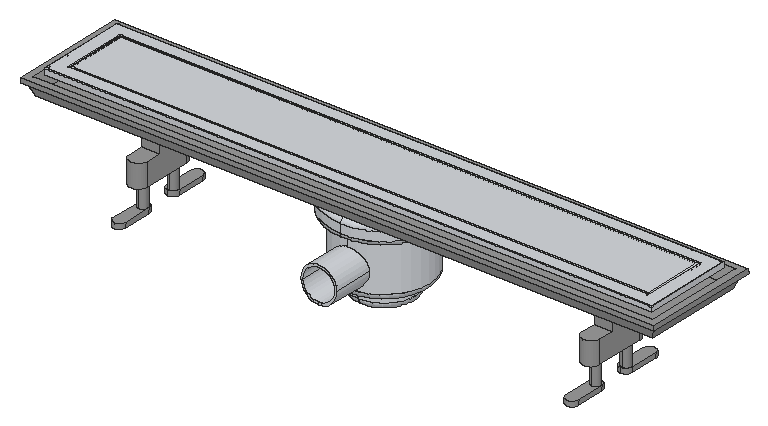
Revit family "S-771", category Plumbing Fixtures, Revit 2015
Parameters (values of type "70x650mm_Classic")
  WFU = 1
  URL = "http://www.jimten.com/en/producto/496/canaleta-linnum-salida-orientable-ancho-70-rejilla-classic"
  Total Minimum Height = "121-131 mm"  # constant formula
  Type Grid = 10
  Size = "650mm x 70mm"
  Reference = "13716"
  Outlet = "40M/50M"  # constant formula
  Model = "S-771"  # constant formula
  Material = ABS
  Hidraulic seal = "50 mm"  # constant formula
  H_Diameter = 40 mm
  Manufacturer = "Jimten"  # constant formula
  Grid = INOX AISI304
  Flowrate = 0.8 L/s  # constant formula
  Emin = 6 mm  # constant formula
  Emax = 16 mm  # constant formula
  E_Calc [instance] = if(E_HeightGrid < Emax, if(E_HeightGrid > Emin, E_HeightGrid, Emin), Emax)  # 8 mm
  E_HeightGrid [instance] = 8 mm
  DistLegs = 500 mm
  Description = "SHOWER CHANNEL FOR TILED SHOWERS, ORIENTABLE TRAP, ORIENTABLE HORIZONTAL OUTLET, WITH GRID CLASSIC, WITH HEIGHT REGULATION FEET"  # constant formula
  Type Comments = "WITH PRESSING RING FOR WATERPROOFING PVC OR GEOTEXTILE MEMBRANES. WITH PROTECTION COVER.  WITH GRID HEIGHT ADJUSTABLE."  # constant formula
  B_Grid = 670 mm
  A_Outlet = 700 mm
Types (6, lengths in mm): name | Type Grid | Size | Reference | DistLegs | B_Grid | A_Outlet
  70x650mm_Classic | 10 | "650mm x 70mm" | "13716" | 500 | 670 | 700
  70x750mm_Classic | 11 | "750mm x 70mm" | "13717" | 600 | 770 | 800
  70x850mm_Classic | 13 | "850mm x 70mm" | "13718" | 700 | 870 | 900
  70x950mm_Classic | 14 | "950mm x 70mm" | "13719" | 800 | 970 | 1000
  70x350mm_Classic | 5 | "350mm x 70mm" | "13713" | 300 | 370 | 400
  70x550mm_Classic | 8 | "550mm x 70mm" | "13715" | 400 | 570 | 600
Reference planes
  plane 1 "Center (Front/Back)": y = 0
  plane 2: z = 0
  plane 3 "Center (Left/Right)": x = 0
  plane 4: z = -8
  plane 5: x = -250
  plane 6: x = 250
Dimensions and locks
  "E_Calc": plane 2 to plane 4
  equal spacing: plane 5, plane 3 "Center (Left/Right)", plane 6
  "DistLegs": plane 5 to plane 6
  aligned and locked: level to plane 2
  aligned and locked: plane 4 to nested 1
  aligned and locked: nested 4 to nested 1
  aligned and locked: nested 3 to nested 1
  aligned and locked: nested 4 to plane 6
  aligned and locked: nested 3 to plane 5
Nested families
  nested 1: "S-771_Outlet" at (0, 0, -8), type "S-771_Outlet"
    with A 700 mm
  nested 2: "S-771_RejillaClassic" at (0, 0, 0), type "S-771_RejillaClassic"
  nested 3: "S-771_Patas" at (-240, -60.1, -124) x (0, 1, 0) z (0, 0, 1), type "S-771_Patas"
  nested 4: "S-771_Patas" at (260, -60.1, -124) x (0, 1, 0) z (0, 0, 1), type "S-771_Patas"
Connectors
  piping at (0, -90, -79), diameter 40, driven by "H_Diameter", driven by "WFU", driven by "Flowrate"
    settings: on nested 1, index 1, connector inside diameter 609.6 mm, connector length 0 mm, flow factor 0, pipe flow 0.8 L/s, pressure drop 0.0 Pa, fitting loss kfactor 0, connector angle 0.00°, fixture units 1, engagement length 0 mm, angle of deflection 0.00°, flow configuration 0, flow direction 2, fitting loss method 0, system type 16, joint type 0, gender type 0, connector reference index -1, connector utility 0, adjustable connector yes, is connector primary yes, connector description ""
Definition of nested family "S-771_Outlet"
  Parameters (values of type "S-771_Outlet")
    MaterialOutlet = none
    I = 25 mm
    H = 40 mm
    Hint = H - 5 mm  # 35 mm
    D = 116 mm
    G = 130 mm
    A = 1000 mm
  Reference planes
    plane 1 "Center (Front/Back)": y = 0
    plane 2: z = 0
    plane 3 "Center (Left/Right)": x = 0
    plane 4: x = -500
    plane 5: x = 500
    plane 6: y = 65
    plane 7: y = -65
    plane 8: z = -116
    plane 9: y = -90
    plane 10: z = -71
  Forms (mm)
    Sweep 1, solid, material <- "MaterialOutlet"
      path origin (0, 0, 0) x (1, 0, 0) y (0, 1, 0)
        loop
          line (-500, -65) -> (500, -65) -> (500, 65) -> (-500, 65) -> (-500, -65)
      profile origin (-500, 0, 0) x (-1, 0, 0) y (0, 0, 1)
        loop
          line (0, 0) -> (-7.504, 0) -> (-12.925, -14) -> (-17.925, -14) -> (-17.925, -19) -> (-9.5, -19) -> (-4.059, -4.951) -> (0, -4.951) -> (0, 0)
    Extrusion 2, solid, material <- "MaterialOutlet"
      sketch origin (0, 0, 0) x (1, 0, 0) y (0, 1, 0)
        loop
          line (-482.075, 47.075) -> (-482.075, -47.075) -> (482.075, -47.075) -> (482.075, 47.075) -> (-482.075, 47.075)
        loop
          circle (0, 0) r 25
      from -19 to -14
    Revolve 3, solid
      sketch origin (0, 0, 0) x (0, 1, 0) y (0, 0, 1)
        loop
          line (-45, -19) -> (-55, -19)
          arc (-55, -19) -> (-58.536, -20.464) -> (-60, -24) r 5
          line (-60, -24) -> (-60, -34)
          arc (-60, -34) -> (-58.536, -37.536) -> (-55, -39) r 5
          line (-55, -39) -> (-50, -39) -> (-50, -91.982)
          arc (-50, -91.982) -> (-47.944, -96.944) -> (-42.982, -99) r 7.018
          line (-42.982, -99) -> (-35, -99) -> (-35, -109)
          arc (-35, -109) -> (-32.95, -113.95) -> (-28, -116) r 7
          line (-28, -116) -> (0, -116) -> (0, -113) -> (-27, -113)
          arc (-27, -113) -> (-30.536, -111.536) -> (-32, -108) r 5
          line (-32, -108) -> (-32, -96) -> (-42.982, -96)
          arc (-42.982, -96) -> (-45.823, -94.823) -> (-47, -91.982) r 4.018
          line (-47, -91.982) -> (-47, -36) -> (-55, -36)
          arc (-55, -36) -> (-56.414, -35.414) -> (-57, -34) r 2
          line (-57, -34) -> (-57, -24)
          arc (-57, -24) -> (-56.414, -22.586) -> (-55, -22) r 2
          line (-55, -22) -> (-45, -22) -> (-45, -19)
        axis (0, -19) -> (0, -116)
      angle from 0 to 360
    Extrusion 4, solid
      sketch origin (-108.967, -65, 1200) x (-1, 0, 0) y (0, 0, 1)
        loop
          circle (-108.967, -1271) r 20
        loop
          circle (-108.967, -1271) r 17.5
      from -25 to 25.055
    Extrusion 5, void
      sketch origin (-108.967, -65, 1200) x (1, 0, 0) y (0, 0, 1)
        loop
          circle (108.967, -1271) r 17.5
      from -25.055 to -6.373
  Cuts and joins
    joined: Sweep 1, Extrusion 2
    Extrusion 5 cuts Revolve 3
    Extrusion 5 cuts Extrusion 4
    joined: Revolve 3, Extrusion 4
  Dimensions and locks
    equal spacing: plane 6, plane 1 "Center (Front/Back)", plane 7
    "G": plane 6 to plane 7
    equal spacing: plane 4, plane 3 "Center (Left/Right)", plane 5
    "A": plane 4 to plane 5
    "D": plane 2 to plane 8
    "I": plane 7 to plane 9
    plane 10 to plane 8 = 45 mm
    diameter of Extrusion 2 sketch curve = 50 mm
    "Hint": diameter of Extrusion 4 sketch curve
    "H": diameter of Extrusion 4 sketch curve
    aligned and locked: level to plane 2
    aligned and locked: plane 4 to Sweep 1 sketch curve
    aligned and locked: Sweep 1 sketch curve to plane 6
    aligned and locked: Sweep 1 sketch curve to plane 7
    aligned and locked: plane 5 to Sweep 1 sketch curve
    aligned and locked: Sweep 1 to Extrusion 2 sketch curve  (x3)
    aligned and locked: Extrusion 2 sketch curve to Sweep 1
    aligned and locked: Sweep 1 to Extrusion 2
    aligned and locked: Extrusion 4 to plane 9
    aligned and locked: Extrusion 5 sketch curve to Extrusion 4
  Automatic sketch dimensions
    Sweep 1 sketch curve to level = 0 mm
    Sweep 1 sketch curve to profile plane = 0 mm
    profile plane to Sweep 1 sketch curve = 4.059 mm
    profile plane to Sweep 1 sketch curve = 9.5 mm
    Sweep 1 sketch curve to Sweep 1 sketch curve = 3.425 mm
    Sweep 1 sketch curve to Sweep 1 sketch curve = 5 mm  (x2)
    Sweep 1 sketch curve to Sweep 1 sketch curve = 4.951 mm
    Sweep 1 sketch curve to Sweep 1 sketch curve = 3.444 mm
    plane 7 to Sweep 1 sketch curve = 0 mm
    Extrusion 2 sketch curve to plane 3 "Center (Left/Right)" = 0 mm
    plane 1 "Center (Front/Back)" to Extrusion 2 sketch curve = 0 mm
    Sweep 1 sketch curve to level = 14 mm
    Revolve 3 sketch curve to Revolve 3 sketch curve = 0 mm  (x8)
    Revolve 3 sketch curve to plane 8 = 0 mm
    Revolve 3 sketch curve to plane 1 "Center (Front/Back)" = 0 mm  (x2)
    plane 8 to Revolve 3 sketch curve = 8 mm
    plane 1 "Center (Front/Back)" to Revolve 3 sketch curve = 27 mm
    Revolve 3 sketch curve to Revolve 3 sketch curve = 1 mm
    Revolve 3 sketch curve to Revolve 3 sketch curve = 4 mm
    Revolve 3 sketch curve to Revolve 3 sketch curve = 3 mm  (x4)
    Revolve 3 sketch curve to Revolve 3 sketch curve = 7.982 mm
    plane 7 to Revolve 3 sketch curve = 20 mm
    Revolve 3 sketch curve to Revolve 3 sketch curve = 4.018 mm
    Revolve 3 sketch curve to Revolve 3 sketch curve = 8 mm
    Revolve 3 sketch curve to Revolve 3 sketch curve = 2 mm
    Revolve 3 sketch curve to Revolve 3 sketch curve = 10 mm  (x2)
    Revolve 3 sketch curve to Revolve 3 sketch curve = 9 mm
    Revolve 3 sketch curve to level = 29 mm
    Revolve 3 sketch curve to level = 39 mm
    Extrusion 4 sketch curve to Extrusion 4 sketch curve = 0 mm  (x2)
    Extrusion 4 sketch curve to plane 3 "Center (Left/Right)" = 0 mm
    Extrusion 4 sketch curve to plane 10 = 0 mm
Definition of nested family "S-771_RejillaClassic"
  Parameters (values of type "S-771_RejillaClassic")
    N_MatrizHuecos = 10
    Model = ""
    MaterialRejilla = none
    F_C = (F - C) / 2  # 14.5 mm
    F = 100 mm
    C = 71 mm
    B = 670 mm
  Reference planes
    plane 1 "Center (Front/Back)": y = 0
    plane 2: z = 0
    plane 3 "Center (Left/Right)": x = 0
    plane 4: y = -50
    plane 5: x = -335
    plane 6: x = 335
    plane 7: y = 50
    plane 8: y = 35.5
    plane 9: y = -35.5
    plane 10: x = -320.5
    plane 11: x = 320.5
    plane 12: z = -6
    plane 13 "LineModelRejillas": z = 0.2
    plane 14: x = -296.5
    plane 15: x = 296.5
  Forms (mm)
    Sweep 1, solid
      path origin (0, 0, 0) x (1, 0, 0) y (0, 1, 0)
        loop
          line (-320.5, -35.5) -> (320.5, -35.5) -> (320.5, 35.5) -> (-320.5, 35.5) -> (-320.5, -35.5)
      profile origin (-320.5, 0, 0) x (-1, 0, 0) y (0, 0, 1)
        loop
          line (-1, -5.025) -> (-1, -1)
          arc (-1, -1) -> (-1.293, -0.293) -> (-2, 0) r 1
          line (-2, 0) -> (-6.487, 0) -> (-6.487, -1) -> (-2, -1) -> (-2, -6) -> (1, -6) -> (1, -1) -> (13.535, -1) -> (13.535, -6) -> (14.5, -6) -> (14.5, -0.5)
          arc (14.5, -0.5) -> (14.354, -0.146) -> (14, 0) r 0.5
          line (14, 0) -> (0.5, 0)
          arc (0.5, 0) -> (0.146, -0.146) -> (0, -0.5) r 0.5
          line (0, -0.5) -> (0, -5.025) -> (-1, -5.025)
    Extrusion 2, solid
      sketch origin (0, 0, 0) x (1, 0, 0) y (0, 1, 0)
        loop
          line (-314.013, 29.013) -> (-314.013, -29.013) -> (314.013, -29.013) -> (314.013, 29.013) -> (-314.013, 29.013)
      from -1 to 0
  Cuts and joins
    joined: Sweep 1, Extrusion 2
  Lines and regions (mm)
    model lines, detail levels medium+fine
      curve 1: line (-288.5, 20, 0.2) -> (-288.5, 12, 0.2)
      curve 2: line (-288.5, 12, 0.2) -> (-296.5, 12, 0.2)
      curve 3: line (-296.5, 12, 0.2) -> (-296.5, 20, 0.2)
      curve 4: line (-296.5, 20, 0.2) -> (-288.5, 20, 0.2)
      curve 5: line (-272.5, 20, 0.2) -> (-272.5, 12, 0.2)
      curve 6: line (-272.5, 12, 0.2) -> (-280.5, 12, 0.2)
      curve 7: line (-280.5, 12, 0.2) -> (-280.5, 20, 0.2)
      curve 8: line (-280.5, 20, 0.2) -> (-272.5, 20, 0.2)
      curve 9: line (-256.5, 20, 0.2) -> (-256.5, 12, 0.2)
      curve 10: line (-256.5, 12, 0.2) -> (-264.5, 12, 0.2)
      curve 11: line (-264.5, 12, 0.2) -> (-264.5, 20, 0.2)
      curve 12: line (-264.5, 20, 0.2) -> (-256.5, 20, 0.2)
      curve 13: line (-288.5, -4, 0.2) -> (-288.5, 4, 0.2)
      curve 14: line (-288.5, 4, 0.2) -> (-296.5, 4, 0.2)
      curve 15: line (-296.5, 4, 0.2) -> (-296.5, -4, 0.2)
      curve 16: line (-296.5, -4, 0.2) -> (-288.5, -4, 0.2)
      curve 17: line (-272.5, -4, 0.2) -> (-272.5, 4, 0.2)
      curve 18: line (-272.5, 4, 0.2) -> (-280.5, 4, 0.2)
      curve 19: line (-280.5, 4, 0.2) -> (-280.5, -4, 0.2)
      curve 20: line (-280.5, -4, 0.2) -> (-272.5, -4, 0.2)
      curve 21: line (-256.5, -4, 0.2) -> (-256.5, 4, 0.2)
      curve 22: line (-256.5, 4, 0.2) -> (-264.5, 4, 0.2)
      curve 23: line (-264.5, 4, 0.2) -> (-264.5, -4, 0.2)
      curve 24: line (-264.5, -4, 0.2) -> (-256.5, -4, 0.2)
      curve 25: line (264.5, 20, 0.2) -> (264.5, 12, 0.2)
      curve 26: line (264.5, 12, 0.2) -> (256.5, 12, 0.2)
      curve 27: line (256.5, 12, 0.2) -> (256.5, 20, 0.2)
      curve 28: line (256.5, 20, 0.2) -> (264.5, 20, 0.2)
      curve 29: line (280.5, 20, 0.2) -> (280.5, 12, 0.2)
      curve 30: line (280.5, 12, 0.2) -> (272.5, 12, 0.2)
      curve 31: line (272.5, 12, 0.2) -> (272.5, 20, 0.2)
      curve 32: line (272.5, 20, 0.2) -> (280.5, 20, 0.2)
      curve 33: line (296.5, 20, 0.2) -> (296.5, 12, 0.2)
      curve 34: line (296.5, 12, 0.2) -> (288.5, 12, 0.2)
      curve 35: line (288.5, 12, 0.2) -> (288.5, 20, 0.2)
      curve 36: line (288.5, 20, 0.2) -> (296.5, 20, 0.2)
      curve 37: line (264.5, -4, 0.2) -> (264.5, 4, 0.2)
      curve 38: line (264.5, 4, 0.2) -> (256.5, 4, 0.2)
      curve 39: line (256.5, 4, 0.2) -> (256.5, -4, 0.2)
      curve 40: line (256.5, -4, 0.2) -> (264.5, -4, 0.2)
      curve 41: line (280.5, -4, 0.2) -> (280.5, 4, 0.2)
      curve 42: line (280.5, 4, 0.2) -> (272.5, 4, 0.2)
      curve 43: line (272.5, 4, 0.2) -> (272.5, -4, 0.2)
      curve 44: line (272.5, -4, 0.2) -> (280.5, -4, 0.2)
      curve 45: line (296.5, -4, 0.2) -> (296.5, 4, 0.2)
      curve 46: line (296.5, 4, 0.2) -> (288.5, 4, 0.2)
      curve 47: line (288.5, 4, 0.2) -> (288.5, -4, 0.2)
      curve 48: line (288.5, -4, 0.2) -> (296.5, -4, 0.2)
      curve 49: line (-227.056, 20, 0.2) -> (-227.056, 12, 0.2)
      curve 50: line (-227.056, 12, 0.2) -> (-235.056, 12, 0.2)
      curve 51: line (-235.056, 12, 0.2) -> (-235.056, 20, 0.2)
      curve 52: line (-235.056, 20, 0.2) -> (-227.056, 20, 0.2)
      curve 53: line (-211.056, 20, 0.2) -> (-211.056, 12, 0.2)
      curve 54: line (-211.056, 12, 0.2) -> (-219.056, 12, 0.2)
      curve 55: line (-219.056, 12, 0.2) -> (-219.056, 20, 0.2)
      curve 56: line (-219.056, 20, 0.2) -> (-211.056, 20, 0.2)
      curve 57: line (-195.056, 20, 0.2) -> (-195.056, 12, 0.2)
      curve 58: line (-195.056, 12, 0.2) -> (-203.056, 12, 0.2)
      curve 59: line (-203.056, 12, 0.2) -> (-203.056, 20, 0.2)
      curve 60: line (-203.056, 20, 0.2) -> (-195.056, 20, 0.2)
      curve 61: line (-227.056, -4, 0.2) -> (-227.056, 4, 0.2)
      curve 62: line (-227.056, 4, 0.2) -> (-235.056, 4, 0.2)
      curve 63: line (-235.056, 4, 0.2) -> (-235.056, -4, 0.2)
      curve 64: line (-235.056, -4, 0.2) -> (-227.056, -4, 0.2)
      curve 65: line (-211.056, -4, 0.2) -> (-211.056, 4, 0.2)
      curve 66: line (-211.056, 4, 0.2) -> (-219.056, 4, 0.2)
      curve 67: line (-219.056, 4, 0.2) -> (-219.056, -4, 0.2)
      curve 68: line (-219.056, -4, 0.2) -> (-211.056, -4, 0.2)
      curve 69: line (-195.056, -4, 0.2) -> (-195.056, 4, 0.2)
      curve 70: line (-195.056, 4, 0.2) -> (-203.056, 4, 0.2)
      curve 71: line (-203.056, 4, 0.2) -> (-203.056, -4, 0.2)
      curve 72: line (-203.056, -4, 0.2) -> (-195.056, -4, 0.2)
      curve 73: line (-165.611, 20, 0.2) -> (-165.611, 12, 0.2)
      curve 74: line (-165.611, 12, 0.2) -> (-173.611, 12, 0.2)
      curve 75: line (-173.611, 12, 0.2) -> (-173.611, 20, 0.2)
      curve 76: line (-173.611, 20, 0.2) -> (-165.611, 20, 0.2)
      curve 77: line (-149.611, 20, 0.2) -> (-149.611, 12, 0.2)
      curve 78: line (-149.611, 12, 0.2) -> (-157.611, 12, 0.2)
      curve 79: line (-157.611, 12, 0.2) -> (-157.611, 20, 0.2)
      curve 80: line (-157.611, 20, 0.2) -> (-149.611, 20, 0.2)
      curve 81: line (-133.611, 20, 0.2) -> (-133.611, 12, 0.2)
      curve 82: line (-133.611, 12, 0.2) -> (-141.611, 12, 0.2)
      curve 83: line (-141.611, 12, 0.2) -> (-141.611, 20, 0.2)
      curve 84: line (-141.611, 20, 0.2) -> (-133.611, 20, 0.2)
      curve 85: line (-165.611, -4, 0.2) -> (-165.611, 4, 0.2)
      curve 86: line (-165.611, 4, 0.2) -> (-173.611, 4, 0.2)
      curve 87: line (-173.611, 4, 0.2) -> (-173.611, -4, 0.2)
      curve 88: line (-173.611, -4, 0.2) -> (-165.611, -4, 0.2)
      curve 89: line (-149.611, -4, 0.2) -> (-149.611, 4, 0.2)
      curve 90: line (-149.611, 4, 0.2) -> (-157.611, 4, 0.2)
      curve 91: line (-157.611, 4, 0.2) -> (-157.611, -4, 0.2)
      curve 92: line (-157.611, -4, 0.2) -> (-149.611, -4, 0.2)
      curve 93: line (-133.611, -4, 0.2) -> (-133.611, 4, 0.2)
      curve 94: line (-133.611, 4, 0.2) -> (-141.611, 4, 0.2)
      curve 95: line (-141.611, 4, 0.2) -> (-141.611, -4, 0.2)
      curve 96: line (-141.611, -4, 0.2) -> (-133.611, -4, 0.2)
      curve 97: line (-104.167, 20, 0.2) -> (-104.167, 12, 0.2)
      curve 98: line (-104.167, 12, 0.2) -> (-112.167, 12, 0.2)
      curve 99: line (-112.167, 12, 0.2) -> (-112.167, 20, 0.2)
      curve 100: line (-112.167, 20, 0.2) -> (-104.167, 20, 0.2)
      curve 101: line (-88.167, 20, 0.2) -> (-88.167, 12, 0.2)
      curve 102: line (-88.167, 12, 0.2) -> (-96.167, 12, 0.2)
      curve 103: line (-96.167, 12, 0.2) -> (-96.167, 20, 0.2)
      curve 104: line (-96.167, 20, 0.2) -> (-88.167, 20, 0.2)
      curve 105: line (-72.167, 20, 0.2) -> (-72.167, 12, 0.2)
      curve 106: line (-72.167, 12, 0.2) -> (-80.167, 12, 0.2)
      curve 107: line (-80.167, 12, 0.2) -> (-80.167, 20, 0.2)
      curve 108: line (-80.167, 20, 0.2) -> (-72.167, 20, 0.2)
      curve 109: line (-104.167, -4, 0.2) -> (-104.167, 4, 0.2)
      curve 110: line (-104.167, 4, 0.2) -> (-112.167, 4, 0.2)
      curve 111: line (-112.167, 4, 0.2) -> (-112.167, -4, 0.2)
      curve 112: line (-112.167, -4, 0.2) -> (-104.167, -4, 0.2)
      curve 113: line (-88.167, -4, 0.2) -> (-88.167, 4, 0.2)
      curve 114: line (-88.167, 4, 0.2) -> (-96.167, 4, 0.2)
      curve 115: line (-96.167, 4, 0.2) -> (-96.167, -4, 0.2)
      curve 116: line (-96.167, -4, 0.2) -> (-88.167, -4, 0.2)
      curve 117: line (-72.167, -4, 0.2) -> (-72.167, 4, 0.2)
      curve 118: line (-72.167, 4, 0.2) -> (-80.167, 4, 0.2)
      curve 119: line (-80.167, 4, 0.2) -> (-80.167, -4, 0.2)
      curve 120: line (-80.167, -4, 0.2) -> (-72.167, -4, 0.2)
      curve 121: line (-42.722, 20, 0.2) -> (-42.722, 12, 0.2)
      curve 122: line (-42.722, 12, 0.2) -> (-50.722, 12, 0.2)
      curve 123: line (-50.722, 12, 0.2) -> (-50.722, 20, 0.2)
      curve 124: line (-50.722, 20, 0.2) -> (-42.722, 20, 0.2)
      curve 125: line (-26.722, 20, 0.2) -> (-26.722, 12, 0.2)
      curve 126: line (-26.722, 12, 0.2) -> (-34.722, 12, 0.2)
      curve 127: line (-34.722, 12, 0.2) -> (-34.722, 20, 0.2)
      curve 128: line (-34.722, 20, 0.2) -> (-26.722, 20, 0.2)
      curve 129: line (-10.722, 20, 0.2) -> (-10.722, 12, 0.2)
      curve 130: line (-10.722, 12, 0.2) -> (-18.722, 12, 0.2)
      curve 131: line (-18.722, 12, 0.2) -> (-18.722, 20, 0.2)
      curve 132: line (-18.722, 20, 0.2) -> (-10.722, 20, 0.2)
      curve 133: line (-42.722, -4, 0.2) -> (-42.722, 4, 0.2)
      curve 134: line (-42.722, 4, 0.2) -> (-50.722, 4, 0.2)
      curve 135: line (-50.722, 4, 0.2) -> (-50.722, -4, 0.2)
      curve 136: line (-50.722, -4, 0.2) -> (-42.722, -4, 0.2)
      curve 137: line (-26.722, -4, 0.2) -> (-26.722, 4, 0.2)
      curve 138: line (-26.722, 4, 0.2) -> (-34.722, 4, 0.2)
      curve 139: line (-34.722, 4, 0.2) -> (-34.722, -4, 0.2)
      curve 140: line (-34.722, -4, 0.2) -> (-26.722, -4, 0.2)
      curve 141: line (-10.722, -4, 0.2) -> (-10.722, 4, 0.2)
      curve 142: line (-10.722, 4, 0.2) -> (-18.722, 4, 0.2)
      curve 143: line (-18.722, 4, 0.2) -> (-18.722, -4, 0.2)
      curve 144: line (-18.722, -4, 0.2) -> (-10.722, -4, 0.2)
      curve 145: line (18.722, 20, 0.2) -> (18.722, 12, 0.2)
      curve 146: line (18.722, 12, 0.2) -> (10.722, 12, 0.2)
      curve 147: line (10.722, 12, 0.2) -> (10.722, 20, 0.2)
      curve 148: line (10.722, 20, 0.2) -> (18.722, 20, 0.2)
      curve 149: line (34.722, 20, 0.2) -> (34.722, 12, 0.2)
      curve 150: line (34.722, 12, 0.2) -> (26.722, 12, 0.2)
      curve 151: line (26.722, 12, 0.2) -> (26.722, 20, 0.2)
      curve 152: line (26.722, 20, 0.2) -> (34.722, 20, 0.2)
      curve 153: line (50.722, 20, 0.2) -> (50.722, 12, 0.2)
      curve 154: line (50.722, 12, 0.2) -> (42.722, 12, 0.2)
      curve 155: line (42.722, 12, 0.2) -> (42.722, 20, 0.2)
      curve 156: line (42.722, 20, 0.2) -> (50.722, 20, 0.2)
      curve 157: line (18.722, -4, 0.2) -> (18.722, 4, 0.2)
      curve 158: line (18.722, 4, 0.2) -> (10.722, 4, 0.2)
      curve 159: line (10.722, 4, 0.2) -> (10.722, -4, 0.2)
      curve 160: line (10.722, -4, 0.2) -> (18.722, -4, 0.2)
      curve 161: line (34.722, -4, 0.2) -> (34.722, 4, 0.2)
      curve 162: line (34.722, 4, 0.2) -> (26.722, 4, 0.2)
      curve 163: line (26.722, 4, 0.2) -> (26.722, -4, 0.2)
      curve 164: line (26.722, -4, 0.2) -> (34.722, -4, 0.2)
      curve 165: line (50.722, -4, 0.2) -> (50.722, 4, 0.2)
      curve 166: line (50.722, 4, 0.2) -> (42.722, 4, 0.2)
      curve 167: line (42.722, 4, 0.2) -> (42.722, -4, 0.2)
      curve 168: line (42.722, -4, 0.2) -> (50.722, -4, 0.2)
      curve 169: line (80.167, 20, 0.2) -> (80.167, 12, 0.2)
      curve 170: line (80.167, 12, 0.2) -> (72.167, 12, 0.2)
      curve 171: line (72.167, 12, 0.2) -> (72.167, 20, 0.2)
      curve 172: line (72.167, 20, 0.2) -> (80.167, 20, 0.2)
      curve 173: line (96.167, 20, 0.2) -> (96.167, 12, 0.2)
      curve 174: line (96.167, 12, 0.2) -> (88.167, 12, 0.2)
      curve 175: line (88.167, 12, 0.2) -> (88.167, 20, 0.2)
      curve 176: line (88.167, 20, 0.2) -> (96.167, 20, 0.2)
      curve 177: line (112.167, 20, 0.2) -> (112.167, 12, 0.2)
      curve 178: line (112.167, 12, 0.2) -> (104.167, 12, 0.2)
      curve 179: line (104.167, 12, 0.2) -> (104.167, 20, 0.2)
      curve 180: line (104.167, 20, 0.2) -> (112.167, 20, 0.2)
      curve 181: line (80.167, -4, 0.2) -> (80.167, 4, 0.2)
      curve 182: line (80.167, 4, 0.2) -> (72.167, 4, 0.2)
      curve 183: line (72.167, 4, 0.2) -> (72.167, -4, 0.2)
      curve 184: line (72.167, -4, 0.2) -> (80.167, -4, 0.2)
      curve 185: line (96.167, -4, 0.2) -> (96.167, 4, 0.2)
      curve 186: line (96.167, 4, 0.2) -> (88.167, 4, 0.2)
      curve 187: line (88.167, 4, 0.2) -> (88.167, -4, 0.2)
      curve 188: line (88.167, -4, 0.2) -> (96.167, -4, 0.2)
      curve 189: line (112.167, -4, 0.2) -> (112.167, 4, 0.2)
      curve 190: line (112.167, 4, 0.2) -> (104.167, 4, 0.2)
      curve 191: line (104.167, 4, 0.2) -> (104.167, -4, 0.2)
      curve 192: line (104.167, -4, 0.2) -> (112.167, -4, 0.2)
      curve 193: line (141.611, 20, 0.2) -> (141.611, 12, 0.2)
      curve 194: line (141.611, 12, 0.2) -> (133.611, 12, 0.2)
      curve 195: line (133.611, 12, 0.2) -> (133.611, 20, 0.2)
      curve 196: line (133.611, 20, 0.2) -> (141.611, 20, 0.2)
      curve 197: line (157.611, 20, 0.2) -> (157.611, 12, 0.2)
      curve 198: line (157.611, 12, 0.2) -> (149.611, 12, 0.2)
      curve 199: line (149.611, 12, 0.2) -> (149.611, 20, 0.2)
      curve 200: line (149.611, 20, 0.2) -> (157.611, 20, 0.2)
      curve 201: line (173.611, 20, 0.2) -> (173.611, 12, 0.2)
      curve 202: line (173.611, 12, 0.2) -> (165.611, 12, 0.2)
      curve 203: line (165.611, 12, 0.2) -> (165.611, 20, 0.2)
      curve 204: line (165.611, 20, 0.2) -> (173.611, 20, 0.2)
      curve 205: line (141.611, -4, 0.2) -> (141.611, 4, 0.2)
      curve 206: line (141.611, 4, 0.2) -> (133.611, 4, 0.2)
      curve 207: line (133.611, 4, 0.2) -> (133.611, -4, 0.2)
      curve 208: line (133.611, -4, 0.2) -> (141.611, -4, 0.2)
      curve 209: line (157.611, -4, 0.2) -> (157.611, 4, 0.2)
      curve 210: line (157.611, 4, 0.2) -> (149.611, 4, 0.2)
      curve 211: line (149.611, 4, 0.2) -> (149.611, -4, 0.2)
      curve 212: line (149.611, -4, 0.2) -> (157.611, -4, 0.2)
      curve 213: line (173.611, -4, 0.2) -> (173.611, 4, 0.2)
      curve 214: line (173.611, 4, 0.2) -> (165.611, 4, 0.2)
      curve 215: line (165.611, 4, 0.2) -> (165.611, -4, 0.2)
      curve 216: line (165.611, -4, 0.2) -> (173.611, -4, 0.2)
      curve 217: line (203.056, 20, 0.2) -> (203.056, 12, 0.2)
      curve 218: line (203.056, 12, 0.2) -> (195.056, 12, 0.2)
      curve 219: line (195.056, 12, 0.2) -> (195.056, 20, 0.2)
      curve 220: line (195.056, 20, 0.2) -> (203.056, 20, 0.2)
      curve 221: line (219.056, 20, 0.2) -> (219.056, 12, 0.2)
      curve 222: line (219.056, 12, 0.2) -> (211.056, 12, 0.2)
      curve 223: line (211.056, 12, 0.2) -> (211.056, 20, 0.2)
      curve 224: line (211.056, 20, 0.2) -> (219.056, 20, 0.2)
      curve 225: line (235.056, 20, 0.2) -> (235.056, 12, 0.2)
      curve 226: line (235.056, 12, 0.2) -> (227.056, 12, 0.2)
      curve 227: line (227.056, 12, 0.2) -> (227.056, 20, 0.2)
      curve 228: line (227.056, 20, 0.2) -> (235.056, 20, 0.2)
      curve 229: line (203.056, -4, 0.2) -> (203.056, 4, 0.2)
      curve 230: line (203.056, 4, 0.2) -> (195.056, 4, 0.2)
      curve 231: line (195.056, 4, 0.2) -> (195.056, -4, 0.2)
      curve 232: line (195.056, -4, 0.2) -> (203.056, -4, 0.2)
      curve 233: line (219.056, -4, 0.2) -> (219.056, 4, 0.2)
      curve 234: line (219.056, 4, 0.2) -> (211.056, 4, 0.2)
      curve 235: line (211.056, 4, 0.2) -> (211.056, -4, 0.2)
      curve 236: line (211.056, -4, 0.2) -> (219.056, -4, 0.2)
      curve 237: line (235.056, -4, 0.2) -> (235.056, 4, 0.2)
      curve 238: line (235.056, 4, 0.2) -> (227.056, 4, 0.2)
      curve 239: line (227.056, 4, 0.2) -> (227.056, -4, 0.2)
      curve 240: line (227.056, -4, 0.2) -> (235.056, -4, 0.2)
      curve 241: line (-288.5, -20, 0.2) -> (-288.5, -12, 0.2)
      curve 242: line (-288.5, -12, 0.2) -> (-296.5, -12, 0.2)
      curve 243: line (-296.5, -12, 0.2) -> (-296.5, -20, 0.2)
      curve 244: line (-296.5, -20, 0.2) -> (-288.5, -20, 0.2)
      curve 245: line (-272.5, -20, 0.2) -> (-272.5, -12, 0.2)
      curve 246: line (-272.5, -12, 0.2) -> (-280.5, -12, 0.2)
      curve 247: line (-280.5, -12, 0.2) -> (-280.5, -20, 0.2)
      curve 248: line (-280.5, -20, 0.2) -> (-272.5, -20, 0.2)
      curve 249: line (-256.5, -20, 0.2) -> (-256.5, -12, 0.2)
      curve 250: line (-256.5, -12, 0.2) -> (-264.5, -12, 0.2)
      curve 251: line (-264.5, -12, 0.2) -> (-264.5, -20, 0.2)
      curve 252: line (-264.5, -20, 0.2) -> (-256.5, -20, 0.2)
      curve 253: line (264.5, -20, 0.2) -> (264.5, -12, 0.2)
      curve 254: line (264.5, -12, 0.2) -> (256.5, -12, 0.2)
      curve 255: line (256.5, -12, 0.2) -> (256.5, -20, 0.2)
      curve 256: line (256.5, -20, 0.2) -> (264.5, -20, 0.2)
      curve 257: line (280.5, -20, 0.2) -> (280.5, -12, 0.2)
      curve 258: line (280.5, -12, 0.2) -> (272.5, -12, 0.2)
      curve 259: line (272.5, -12, 0.2) -> (272.5, -20, 0.2)
      curve 260: line (272.5, -20, 0.2) -> (280.5, -20, 0.2)
      curve 261: line (296.5, -20, 0.2) -> (296.5, -12, 0.2)
      curve 262: line (296.5, -12, 0.2) -> (288.5, -12, 0.2)
      curve 263: line (288.5, -12, 0.2) -> (288.5, -20, 0.2)
      curve 264: line (288.5, -20, 0.2) -> (296.5, -20, 0.2)
      curve 265: line (-227.056, -20, 0.2) -> (-227.056, -12, 0.2)
      curve 266: line (-227.056, -12, 0.2) -> (-235.056, -12, 0.2)
      curve 267: line (-235.056, -12, 0.2) -> (-235.056, -20, 0.2)
      curve 268: line (-235.056, -20, 0.2) -> (-227.056, -20, 0.2)
      curve 269: line (-211.056, -20, 0.2) -> (-211.056, -12, 0.2)
      curve 270: line (-211.056, -12, 0.2) -> (-219.056, -12, 0.2)
      curve 271: line (-219.056, -12, 0.2) -> (-219.056, -20, 0.2)
      curve 272: line (-219.056, -20, 0.2) -> (-211.056, -20, 0.2)
      curve 273: line (-195.056, -20, 0.2) -> (-195.056, -12, 0.2)
      curve 274: line (-195.056, -12, 0.2) -> (-203.056, -12, 0.2)
      curve 275: line (-203.056, -12, 0.2) -> (-203.056, -20, 0.2)
      curve 276: line (-203.056, -20, 0.2) -> (-195.056, -20, 0.2)
      curve 277: line (-165.611, -20, 0.2) -> (-165.611, -12, 0.2)
      curve 278: line (-165.611, -12, 0.2) -> (-173.611, -12, 0.2)
      curve 279: line (-173.611, -12, 0.2) -> (-173.611, -20, 0.2)
      curve 280: line (-173.611, -20, 0.2) -> (-165.611, -20, 0.2)
      curve 281: line (-149.611, -20, 0.2) -> (-149.611, -12, 0.2)
      curve 282: line (-149.611, -12, 0.2) -> (-157.611, -12, 0.2)
      curve 283: line (-157.611, -12, 0.2) -> (-157.611, -20, 0.2)
      curve 284: line (-157.611, -20, 0.2) -> (-149.611, -20, 0.2)
      curve 285: line (-133.611, -20, 0.2) -> (-133.611, -12, 0.2)
      curve 286: line (-133.611, -12, 0.2) -> (-141.611, -12, 0.2)
      curve 287: line (-141.611, -12, 0.2) -> (-141.611, -20, 0.2)
      curve 288: line (-141.611, -20, 0.2) -> (-133.611, -20, 0.2)
      curve 289: line (-104.167, -20, 0.2) -> (-104.167, -12, 0.2)
      curve 290: line (-104.167, -12, 0.2) -> (-112.167, -12, 0.2)
      curve 291: line (-112.167, -12, 0.2) -> (-112.167, -20, 0.2)
      curve 292: line (-112.167, -20, 0.2) -> (-104.167, -20, 0.2)
      curve 293: line (-88.167, -20, 0.2) -> (-88.167, -12, 0.2)
      curve 294: line (-88.167, -12, 0.2) -> (-96.167, -12, 0.2)
      curve 295: line (-96.167, -12, 0.2) -> (-96.167, -20, 0.2)
      curve 296: line (-96.167, -20, 0.2) -> (-88.167, -20, 0.2)
      curve 297: line (-72.167, -20, 0.2) -> (-72.167, -12, 0.2)
      curve 298: line (-72.167, -12, 0.2) -> (-80.167, -12, 0.2)
      curve 299: line (-80.167, -12, 0.2) -> (-80.167, -20, 0.2)
      curve 300: line (-80.167, -20, 0.2) -> (-72.167, -20, 0.2)
      curve 301: line (-42.722, -20, 0.2) -> (-42.722, -12, 0.2)
      curve 302: line (-42.722, -12, 0.2) -> (-50.722, -12, 0.2)
      curve 303: line (-50.722, -12, 0.2) -> (-50.722, -20, 0.2)
      curve 304: line (-50.722, -20, 0.2) -> (-42.722, -20, 0.2)
      curve 305: line (-26.722, -20, 0.2) -> (-26.722, -12, 0.2)
      curve 306: line (-26.722, -12, 0.2) -> (-34.722, -12, 0.2)
      curve 307: line (-34.722, -12, 0.2) -> (-34.722, -20, 0.2)
      curve 308: line (-34.722, -20, 0.2) -> (-26.722, -20, 0.2)
      curve 309: line (-10.722, -20, 0.2) -> (-10.722, -12, 0.2)
      curve 310: line (-10.722, -12, 0.2) -> (-18.722, -12, 0.2)
      curve 311: line (-18.722, -12, 0.2) -> (-18.722, -20, 0.2)
      curve 312: line (-18.722, -20, 0.2) -> (-10.722, -20, 0.2)
      curve 313: line (18.722, -20, 0.2) -> (18.722, -12, 0.2)
      curve 314: line (18.722, -12, 0.2) -> (10.722, -12, 0.2)
      curve 315: line (10.722, -12, 0.2) -> (10.722, -20, 0.2)
      curve 316: line (10.722, -20, 0.2) -> (18.722, -20, 0.2)
      curve 317: line (34.722, -20, 0.2) -> (34.722, -12, 0.2)
      curve 318: line (34.722, -12, 0.2) -> (26.722, -12, 0.2)
      curve 319: line (26.722, -12, 0.2) -> (26.722, -20, 0.2)
      curve 320: line (26.722, -20, 0.2) -> (34.722, -20, 0.2)
      curve 321: line (50.722, -20, 0.2) -> (50.722, -12, 0.2)
      curve 322: line (50.722, -12, 0.2) -> (42.722, -12, 0.2)
      curve 323: line (42.722, -12, 0.2) -> (42.722, -20, 0.2)
      curve 324: line (42.722, -20, 0.2) -> (50.722, -20, 0.2)
      curve 325: line (80.167, -20, 0.2) -> (80.167, -12, 0.2)
      curve 326: line (80.167, -12, 0.2) -> (72.167, -12, 0.2)
      curve 327: line (72.167, -12, 0.2) -> (72.167, -20, 0.2)
      curve 328: line (72.167, -20, 0.2) -> (80.167, -20, 0.2)
      curve 329: line (96.167, -20, 0.2) -> (96.167, -12, 0.2)
      curve 330: line (96.167, -12, 0.2) -> (88.167, -12, 0.2)
      curve 331: line (88.167, -12, 0.2) -> (88.167, -20, 0.2)
      curve 332: line (88.167, -20, 0.2) -> (96.167, -20, 0.2)
      curve 333: line (112.167, -20, 0.2) -> (112.167, -12, 0.2)
      curve 334: line (112.167, -12, 0.2) -> (104.167, -12, 0.2)
      curve 335: line (104.167, -12, 0.2) -> (104.167, -20, 0.2)
      curve 336: line (104.167, -20, 0.2) -> (112.167, -20, 0.2)
      curve 337: line (141.611, -20, 0.2) -> (141.611, -12, 0.2)
      curve 338: line (141.611, -12, 0.2) -> (133.611, -12, 0.2)
      curve 339: line (133.611, -12, 0.2) -> (133.611, -20, 0.2)
      curve 340: line (133.611, -20, 0.2) -> (141.611, -20, 0.2)
      curve 341: line (157.611, -20, 0.2) -> (157.611, -12, 0.2)
      curve 342: line (157.611, -12, 0.2) -> (149.611, -12, 0.2)
      curve 343: line (149.611, -12, 0.2) -> (149.611, -20, 0.2)
      curve 344: line (149.611, -20, 0.2) -> (157.611, -20, 0.2)
      curve 345: line (173.611, -20, 0.2) -> (173.611, -12, 0.2)
      curve 346: line (173.611, -12, 0.2) -> (165.611, -12, 0.2)
      curve 347: line (165.611, -12, 0.2) -> (165.611, -20, 0.2)
      curve 348: line (165.611, -20, 0.2) -> (173.611, -20, 0.2)
      curve 349: line (203.056, -20, 0.2) -> (203.056, -12, 0.2)
      curve 350: line (203.056, -12, 0.2) -> (195.056, -12, 0.2)
      curve 351: line (195.056, -12, 0.2) -> (195.056, -20, 0.2)
      curve 352: line (195.056, -20, 0.2) -> (203.056, -20, 0.2)
      curve 353: line (219.056, -20, 0.2) -> (219.056, -12, 0.2)
      curve 354: line (219.056, -12, 0.2) -> (211.056, -12, 0.2)
      curve 355: line (211.056, -12, 0.2) -> (211.056, -20, 0.2)
      curve 356: line (211.056, -20, 0.2) -> (219.056, -20, 0.2)
      curve 357: line (235.056, -20, 0.2) -> (235.056, -12, 0.2)
      curve 358: line (235.056, -12, 0.2) -> (227.056, -12, 0.2)
      curve 359: line (227.056, -12, 0.2) -> (227.056, -20, 0.2)
      curve 360: line (227.056, -20, 0.2) -> (235.056, -20, 0.2)
    model lines
      curve 361: line (-335, 50, 0.2) -> (335, 50, 0.2)
      curve 362: line (-335, -50, 0.2) -> (-335, 50, 0.2)
      curve 363: line (335, -50, 0.2) -> (-335, -50, 0.2)
      curve 364: line (335, 50, 0.2) -> (335, -50, 0.2)
  Dimensions and locks
    equal spacing: plane 7, plane 1 "Center (Front/Back)", plane 4
    "F": plane 7 to plane 4
    equal spacing: plane 8, plane 1 "Center (Front/Back)", plane 9
    "C": plane 8 to plane 9
    equal spacing: plane 5, plane 3 "Center (Left/Right)", plane 6
    "B": plane 5 to plane 6
    plane 10 to plane 5 = 14.5 mm
    "F_C": plane 5 to plane 10
    "F_C": plane 11 to plane 6
    plane 10 to plane 14 = 24 mm
    plane 15 to plane 11 = 24 mm
    equal spacing: group 1, group 3, group 4, group 5, group 6, group 7, group 8, group 9, group 10, group 2  (x3)
    plane 2 to plane 12 = 6 mm
    aligned and locked: level to plane 2
    aligned and locked: plane 10 to Sweep 1 sketch curve
    aligned and locked: Sweep 1 sketch curve to plane 8
    aligned and locked: plane 9 to Sweep 1 sketch curve
    aligned and locked: Sweep 1 sketch curve to plane 11
    aligned and locked: Sweep 1 to Extrusion 2 sketch curve  (x3)
    aligned and locked: Extrusion 2 sketch curve to Sweep 1
    aligned and locked: plane 14 to curve 3
    aligned and locked: curve 33 to plane 15
    aligned and locked: Sweep 1 sketch curve to plane 12
    aligned and locked: Sweep 1 sketch curve to plane 5
    aligned and locked: plane 5 to curve 362
    aligned and locked: plane 4 to curve 363
    aligned and locked: curve 361 to plane 7
    aligned and locked: plane 6 to curve 364
  Automatic sketch dimensions
    Sweep 1 sketch curve to level = 0 mm  (x2)
    Sweep 1 sketch curve to profile plane = 0 mm
    profile plane to Sweep 1 sketch curve = 1 mm
    Sweep 1 sketch curve to Sweep 1 sketch curve = 1 mm
    Sweep 1 sketch curve to Sweep 1 sketch curve = 0 mm  (x2)
    Sweep 1 sketch curve to level = 1 mm
    Sweep 1 sketch curve to Sweep 1 sketch curve = 4.487 mm
    Sweep 1 sketch curve to level = 0.5 mm  (x2)
    Sweep 1 sketch curve to profile plane = 1 mm
    Sweep 1 sketch curve to Sweep 1 sketch curve = 0.965 mm
    Sweep 1 sketch curve to Sweep 1 sketch curve = 0.975 mm
    Sweep 1 sketch curve to Sweep 1 sketch curve = 0.5 mm
    curve 22 to curve 249 = 0 mm
    curve 12 to curve 21 = 0 mm
    curve 9 to curve 11 = 8 mm
    curve 21 to curve 24 = 8 mm
    curve 249 to curve 251 = 8 mm
    curve 10 to curve 5 = 8 mm
    curve 250 to curve 245 = 8 mm
    curve 17 to curve 245 = 0 mm
    curve 17 to curve 19 = 8 mm
    curve 246 to curve 19 = 0 mm
    curve 6 to curve 18 = 0 mm
    curve 247 to curve 241 = 8 mm
    curve 6 to curve 1 = 8 mm
    curve 13 to curve 241 = 0 mm
    curve 13 to curve 15 = 8 mm
    curve 241 to curve 244 = 8 mm  (x2)
    curve 1 to curve 4 = 8 mm
    curve 1 to curve 12 = 0 mm
    curve 8 to curve 11 = 0 mm
    curve 7 to curve 6 = 8 mm
    curve 3 to curve 3 = 8 mm
    curve 9 to curve 9 = 8 mm
    curve 10 to curve 23 = 8 mm
    curve 1 to curve 13 = 8 mm
    curve 6 to curve 19 = 8 mm
    curve 17 to curve 17 = 8 mm
    curve 21 to curve 21 = 8 mm
    curve 13 to curve 16 = 8 mm
    curve 23 to curve 250 = 8 mm
    curve 13 to curve 241 = 8 mm
    curve 19 to curve 247 = 8 mm
    curve 246 to curve 247 = 8 mm
    curve 249 to curve 249 = 8 mm
    curve 46 to curve 261 = 0 mm
    curve 36 to curve 45 = 0 mm
    curve 33 to curve 35 = 8 mm
    curve 45 to curve 48 = 8 mm
    curve 261 to curve 263 = 8 mm
    curve 34 to curve 29 = 8 mm
    curve 262 to curve 257 = 8 mm
    curve 41 to curve 257 = 0 mm
    curve 41 to curve 43 = 8 mm
    curve 258 to curve 43 = 0 mm
    curve 30 to curve 42 = 0 mm
    curve 259 to curve 253 = 8 mm
    curve 30 to curve 25 = 8 mm
    curve 37 to curve 253 = 0 mm
    curve 37 to curve 39 = 8 mm
    curve 253 to curve 256 = 8 mm  (x2)
    curve 25 to curve 28 = 8 mm
    curve 25 to curve 36 = 0 mm
    curve 32 to curve 35 = 0 mm
    curve 31 to curve 30 = 8 mm
    curve 27 to curve 27 = 8 mm
    curve 33 to curve 33 = 8 mm
    curve 34 to curve 47 = 8 mm
    curve 25 to curve 37 = 8 mm
    curve 30 to curve 43 = 8 mm
    curve 41 to curve 41 = 8 mm
    curve 45 to curve 45 = 8 mm
    curve 37 to curve 40 = 8 mm
    curve 47 to curve 262 = 8 mm
    curve 37 to curve 253 = 8 mm
    curve 43 to curve 259 = 8 mm
    curve 258 to curve 259 = 8 mm
    curve 261 to curve 261 = 8 mm
    curve 70 to curve 273 = 0 mm
    curve 60 to curve 69 = 0 mm
    curve 57 to curve 59 = 8 mm
    curve 69 to curve 72 = 8 mm
    curve 273 to curve 275 = 8 mm
    curve 58 to curve 53 = 8 mm
    curve 274 to curve 269 = 8 mm
    curve 65 to curve 269 = 0 mm
    curve 65 to curve 67 = 8 mm
    curve 270 to curve 67 = 0 mm
    curve 54 to curve 66 = 0 mm
    curve 271 to curve 265 = 8 mm
    curve 54 to curve 49 = 8 mm
    curve 61 to curve 265 = 0 mm
    curve 61 to curve 63 = 8 mm
    curve 265 to curve 268 = 8 mm  (x2)
    curve 49 to curve 52 = 8 mm
    curve 49 to curve 60 = 0 mm
    curve 56 to curve 59 = 0 mm
    curve 55 to curve 54 = 8 mm
    curve 51 to curve 51 = 8 mm
    curve 57 to curve 57 = 8 mm
    curve 58 to curve 71 = 8 mm
    curve 49 to curve 61 = 8 mm
    curve 54 to curve 67 = 8 mm
    curve 65 to curve 65 = 8 mm
    curve 69 to curve 69 = 8 mm
    curve 61 to curve 64 = 8 mm
    curve 71 to curve 274 = 8 mm
    curve 61 to curve 265 = 8 mm
    curve 67 to curve 271 = 8 mm
    curve 270 to curve 271 = 8 mm
    curve 273 to curve 273 = 8 mm
    curve 94 to curve 285 = 0 mm
    curve 84 to curve 93 = 0 mm
    curve 81 to curve 83 = 8 mm
    curve 93 to curve 96 = 8 mm
    curve 285 to curve 287 = 8 mm
    curve 82 to curve 77 = 8 mm
    curve 286 to curve 281 = 8 mm
    curve 89 to curve 281 = 0 mm
    curve 89 to curve 91 = 8 mm
    curve 282 to curve 91 = 0 mm
    curve 78 to curve 90 = 0 mm
    curve 283 to curve 277 = 8 mm
    curve 78 to curve 73 = 8 mm
    curve 85 to curve 277 = 0 mm
    curve 85 to curve 87 = 8 mm
    curve 277 to curve 280 = 8 mm  (x2)
    curve 73 to curve 76 = 8 mm
    curve 73 to curve 84 = 0 mm
    curve 80 to curve 83 = 0 mm
    curve 79 to curve 78 = 8 mm
    curve 75 to curve 75 = 8 mm
    curve 81 to curve 81 = 8 mm
    curve 82 to curve 95 = 8 mm
    curve 73 to curve 85 = 8 mm
    curve 78 to curve 91 = 8 mm
    curve 89 to curve 89 = 8 mm
    curve 93 to curve 93 = 8 mm
    curve 85 to curve 88 = 8 mm
    curve 95 to curve 286 = 8 mm
    curve 85 to curve 277 = 8 mm
    curve 91 to curve 283 = 8 mm
    curve 282 to curve 283 = 8 mm
    curve 285 to curve 285 = 8 mm
    curve 118 to curve 297 = 0 mm
    curve 108 to curve 117 = 0 mm
    curve 105 to curve 107 = 8 mm
    curve 117 to curve 120 = 8 mm
    curve 297 to curve 299 = 8 mm
    curve 106 to curve 101 = 8 mm
    curve 298 to curve 293 = 8 mm
    curve 113 to curve 293 = 0 mm
    curve 113 to curve 115 = 8 mm
    curve 294 to curve 115 = 0 mm
    curve 102 to curve 114 = 0 mm
    curve 295 to curve 289 = 8 mm
    curve 102 to curve 97 = 8 mm
    curve 109 to curve 289 = 0 mm
    curve 109 to curve 111 = 8 mm
    curve 289 to curve 292 = 8 mm  (x2)
    curve 97 to curve 100 = 8 mm
    curve 97 to curve 108 = 0 mm
    curve 104 to curve 107 = 0 mm
    curve 103 to curve 102 = 8 mm
    curve 99 to curve 99 = 8 mm
    curve 105 to curve 105 = 8 mm
    curve 106 to curve 119 = 8 mm
    curve 97 to curve 109 = 8 mm
    curve 102 to curve 115 = 8 mm
    curve 113 to curve 113 = 8 mm
    curve 117 to curve 117 = 8 mm
    curve 109 to curve 112 = 8 mm
    curve 119 to curve 298 = 8 mm
    curve 109 to curve 289 = 8 mm
    curve 115 to curve 295 = 8 mm
    curve 294 to curve 295 = 8 mm
    curve 297 to curve 297 = 8 mm
    curve 142 to curve 309 = 0 mm
    curve 132 to curve 141 = 0 mm
    curve 129 to curve 131 = 8 mm
    curve 141 to curve 144 = 8 mm
    curve 309 to curve 311 = 8 mm
    curve 130 to curve 125 = 8 mm
    curve 310 to curve 305 = 8 mm
    curve 137 to curve 305 = 0 mm
    curve 137 to curve 139 = 8 mm
    curve 306 to curve 139 = 0 mm
    curve 126 to curve 138 = 0 mm
    curve 307 to curve 301 = 8 mm
    curve 126 to curve 121 = 8 mm
    curve 133 to curve 301 = 0 mm
    curve 133 to curve 135 = 8 mm
    curve 301 to curve 304 = 8 mm  (x2)
    curve 121 to curve 124 = 8 mm
    curve 121 to curve 132 = 0 mm
    curve 128 to curve 131 = 0 mm
    curve 127 to curve 126 = 8 mm
    curve 123 to curve 123 = 8 mm
    curve 129 to curve 129 = 8 mm
    curve 130 to curve 143 = 8 mm
    curve 121 to curve 133 = 8 mm
    curve 126 to curve 139 = 8 mm
    curve 137 to curve 137 = 8 mm
    curve 141 to curve 141 = 8 mm
    curve 133 to curve 136 = 8 mm
    curve 143 to curve 310 = 8 mm
    curve 133 to curve 301 = 8 mm
    curve 139 to curve 307 = 8 mm
    curve 306 to curve 307 = 8 mm
    curve 309 to curve 309 = 8 mm
    curve 166 to curve 321 = 0 mm
    curve 156 to curve 165 = 0 mm
    curve 153 to curve 155 = 8 mm
    curve 165 to curve 168 = 8 mm
    curve 321 to curve 323 = 8 mm
    curve 154 to curve 149 = 8 mm
    curve 322 to curve 317 = 8 mm
    curve 161 to curve 317 = 0 mm
    curve 161 to curve 163 = 8 mm
    curve 318 to curve 163 = 0 mm
    curve 150 to curve 162 = 0 mm
    curve 319 to curve 313 = 8 mm
    curve 150 to curve 145 = 8 mm
    curve 157 to curve 313 = 0 mm
    curve 157 to curve 159 = 8 mm
    curve 313 to curve 316 = 8 mm  (x2)
    curve 145 to curve 148 = 8 mm
    curve 145 to curve 156 = 0 mm
    curve 152 to curve 155 = 0 mm
    curve 151 to curve 150 = 8 mm
    curve 147 to curve 147 = 8 mm
    curve 153 to curve 153 = 8 mm
    curve 154 to curve 167 = 8 mm
    curve 145 to curve 157 = 8 mm
    curve 150 to curve 163 = 8 mm
    curve 161 to curve 161 = 8 mm
    curve 165 to curve 165 = 8 mm
    curve 157 to curve 160 = 8 mm
    curve 167 to curve 322 = 8 mm
    curve 157 to curve 313 = 8 mm
    curve 163 to curve 319 = 8 mm
    curve 318 to curve 319 = 8 mm
    curve 321 to curve 321 = 8 mm
    curve 190 to curve 333 = 0 mm
    curve 180 to curve 189 = 0 mm
    curve 177 to curve 179 = 8 mm
    curve 189 to curve 192 = 8 mm
    curve 333 to curve 335 = 8 mm
    curve 178 to curve 173 = 8 mm
    curve 334 to curve 329 = 8 mm
    curve 185 to curve 329 = 0 mm
    curve 185 to curve 187 = 8 mm
    curve 330 to curve 187 = 0 mm
    curve 174 to curve 186 = 0 mm
    curve 331 to curve 325 = 8 mm
    curve 174 to curve 169 = 8 mm
    curve 181 to curve 325 = 0 mm
    curve 181 to curve 183 = 8 mm
    curve 325 to curve 328 = 8 mm  (x2)
    curve 169 to curve 172 = 8 mm
    curve 169 to curve 180 = 0 mm
    curve 176 to curve 179 = 0 mm
    curve 175 to curve 174 = 8 mm
    curve 171 to curve 171 = 8 mm
    curve 177 to curve 177 = 8 mm
    curve 178 to curve 191 = 8 mm
    curve 169 to curve 181 = 8 mm
    curve 174 to curve 187 = 8 mm
    curve 185 to curve 185 = 8 mm
    curve 189 to curve 189 = 8 mm
    curve 181 to curve 184 = 8 mm
    curve 191 to curve 334 = 8 mm
    curve 181 to curve 325 = 8 mm
    curve 187 to curve 331 = 8 mm
    curve 330 to curve 331 = 8 mm
    curve 333 to curve 333 = 8 mm
    curve 214 to curve 345 = 0 mm
    curve 204 to curve 213 = 0 mm
    curve 201 to curve 203 = 8 mm
    curve 213 to curve 216 = 8 mm
    curve 345 to curve 347 = 8 mm
    curve 202 to curve 197 = 8 mm
    curve 346 to curve 341 = 8 mm
    curve 209 to curve 341 = 0 mm
    curve 209 to curve 211 = 8 mm
    curve 342 to curve 211 = 0 mm
    curve 198 to curve 210 = 0 mm
    curve 343 to curve 337 = 8 mm
    curve 198 to curve 193 = 8 mm
    curve 205 to curve 337 = 0 mm
    curve 205 to curve 207 = 8 mm
    curve 337 to curve 340 = 8 mm  (x2)
    curve 193 to curve 196 = 8 mm
    curve 193 to curve 204 = 0 mm
    curve 200 to curve 203 = 0 mm
    curve 199 to curve 198 = 8 mm
    curve 195 to curve 195 = 8 mm
    curve 201 to curve 201 = 8 mm
    curve 202 to curve 215 = 8 mm
    curve 193 to curve 205 = 8 mm
    curve 198 to curve 211 = 8 mm
    curve 209 to curve 209 = 8 mm
    curve 213 to curve 213 = 8 mm
    curve 205 to curve 208 = 8 mm
    curve 215 to curve 346 = 8 mm
    curve 205 to curve 337 = 8 mm
    curve 211 to curve 343 = 8 mm
    curve 342 to curve 343 = 8 mm
    curve 345 to curve 345 = 8 mm
    curve 238 to curve 357 = 0 mm
    curve 228 to curve 237 = 0 mm
    curve 225 to curve 227 = 8 mm
    curve 237 to curve 240 = 8 mm
    curve 357 to curve 359 = 8 mm
    curve 226 to curve 221 = 8 mm
    curve 358 to curve 353 = 8 mm
    curve 233 to curve 353 = 0 mm
    curve 233 to curve 235 = 8 mm
    curve 354 to curve 235 = 0 mm
    curve 222 to curve 234 = 0 mm
    curve 355 to curve 349 = 8 mm
    curve 222 to curve 217 = 8 mm
    curve 229 to curve 349 = 0 mm
    curve 229 to curve 231 = 8 mm
    curve 349 to curve 352 = 8 mm  (x2)
    curve 217 to curve 220 = 8 mm
    curve 217 to curve 228 = 0 mm
    curve 224 to curve 227 = 0 mm
    curve 223 to curve 222 = 8 mm
    curve 219 to curve 219 = 8 mm
    curve 225 to curve 225 = 8 mm
    curve 226 to curve 239 = 8 mm
    curve 217 to curve 229 = 8 mm
    curve 222 to curve 235 = 8 mm
    curve 233 to curve 233 = 8 mm
    curve 237 to curve 237 = 8 mm
    curve 229 to curve 232 = 8 mm
    curve 239 to curve 358 = 8 mm
    curve 229 to curve 349 = 8 mm
    curve 235 to curve 355 = 8 mm
    curve 354 to curve 355 = 8 mm
    curve 357 to curve 357 = 8 mm
Definition of nested family "S-771_Patas"
  Parameters (values of type "S-771_Patas")
    MaterialPata = none
  Reference planes
    plane 1 "Center (Front/Back)": y = 0
    plane 2: z = 0
    plane 3 "Center (Left/Right)": x = 0
    plane 4: z = 97
    plane 5: y = 20
    plane 6: y = 10
    plane 7: z = 82
    plane 8: z = 55
    plane 9: z = 30
    plane 10: z = 5
  Forms (mm)
    Extrusion 1, solid, material <- "MaterialPata"
      sketch origin (28.11, 0, 0) x (1, 0, 0) y (0, 1, 0)
        loop
          line (5, 0) -> (59.109, 0)
          arc (59.109, 0) -> (69.109, 10) -> (59.109, 20) r 10
          line (59.109, 20) -> (5, 20)
          arc (5, 20) -> (-5, 10) -> (5, 0) r 10
      from 30 to 55
    Extrusion 2, solid, material <- "MaterialPata"
      sketch origin (28.11, 0, 0) x (1, 0, 0) y (0, 0, 1)
        loop
          line (22.055, 55) -> (42.055, 55) -> (42.055, 82) -> (53.055, 82) -> (53.055, 97) -> (11.055, 97) -> (11.055, 82) -> (22.055, 82) -> (22.055, 55)
      from -20 to 0
    Extrusion 3, solid, material <- "MaterialPata"
      sketch origin (16.86, 0, 0) x (1, 0, 0) y (0, 1, 0)
        loop
          circle (22.305, 10) r 5
        loop
          circle (64.305, 10) r 5
      from 5 to 30
    Extrusion 4, solid, material <- "MaterialPata"
      sketch origin (16.86, 0, 0) x (1, 0, 0) y (0, 1, 0)
        loop
          line (22.305, 17.024) -> (-9.86, 17.024)
          arc (-9.86, 17.024) -> (-16.86, 10.024) -> (-9.86, 3.024) r 7
          line (-9.86, 3.024) -> (22.305, 3.024)
          arc (22.305, 3.024) -> (27.254, 5.074) -> (29.305, 10.024) r 7
          arc (29.305, 10.024) -> (27.254, 14.973) -> (22.305, 17.024) r 7
        loop
          arc (64.305, 16.922) -> (59.355, 14.872) -> (57.305, 9.922) r 7
          arc (57.305, 9.922) -> (59.355, 4.972) -> (64.305, 2.922) r 7
          line (64.305, 2.922) -> (96.34, 2.922)
          arc (96.34, 2.922) -> (103.34, 9.922) -> (96.34, 16.922) r 7
          line (96.34, 16.922) -> (64.305, 16.922)
      from 0 to 5
  Cuts and joins
    joined: Extrusion 1, Extrusion 2, Extrusion 3, Extrusion 4
  Dimensions and locks
    plane 4 to level = 97 mm
    plane 5 to plane 1 "Center (Front/Back)" = 20 mm
    equal spacing: plane 5, plane 6, plane 1 "Center (Front/Back)"
    aligned and locked: level to plane 2
    aligned and locked: plane 6 to Extrusion 3 sketch curve  (x2)
    aligned and locked: Extrusion 2 to plane 7
    aligned and locked: plane 4 to Extrusion 2
    aligned and locked: cut or joined group of Extrusion 1, Extrusion 2, Extrusion 3, Extrusion 4 to plane 7
    aligned and locked: plane 10 to cut or joined group of Extrusion 1, Extrusion 2, Extrusion 3, Extrusion 4
    aligned and locked: cut or joined group of Extrusion 1, Extrusion 2, Extrusion 3, Extrusion 4 to plane 9
    aligned and locked: plane 9 to cut or joined group of Extrusion 1, Extrusion 2, Extrusion 3, Extrusion 4
    aligned and locked: plane 8 to cut or joined group of Extrusion 1, Extrusion 2, Extrusion 3, Extrusion 4
    aligned and locked: cut or joined group of Extrusion 1, Extrusion 2, Extrusion 3, Extrusion 4 to plane 10
    aligned and locked: Extrusion 2 to Extrusion 1
    aligned and locked: cut or joined group of Extrusion 1, Extrusion 2, Extrusion 3, Extrusion 4 to plane 2
    aligned and locked: Extrusion 1 to Extrusion 2
    aligned and locked: cut or joined group of Extrusion 1, Extrusion 2, Extrusion 3, Extrusion 4 to plane 5
    aligned and locked: plane 5 to cut or joined group of Extrusion 1, Extrusion 2, Extrusion 3, Extrusion 4
  Automatic sketch dimensions
    plane 1 "Center (Front/Back)" to Extrusion 1 sketch curve = 0 mm
    Extrusion 1 sketch curve to plane 5 = 0 mm
    plane 3 "Center (Left/Right)" to Extrusion 1 sketch curve = 33.11 mm
    Extrusion 1 sketch curve to Extrusion 1 sketch curve = 54.109 mm
    Extrusion 2 sketch curve to plane 4 = 15 mm  (x2)
    plane 3 "Center (Left/Right)" to Extrusion 2 sketch curve = 39.165 mm
    Extrusion 2 sketch curve to plane 4 = 42 mm
    Extrusion 2 sketch curve to Extrusion 2 sketch curve = 11 mm  (x2)
    Extrusion 2 sketch curve to Extrusion 2 sketch curve = 20 mm
    Extrusion 2 sketch curve to Extrusion 2 sketch curve = 15 mm
    plane 3 "Center (Left/Right)" to Extrusion 3 sketch curve = 39.165 mm
    Extrusion 3 sketch curve to Extrusion 3 sketch curve = 42 mm
    Extrusion 4 sketch curve to Extrusion 4 sketch curve = 0 mm  (x2)
    plane 6 to Extrusion 4 sketch curve = 0.024 mm
    Extrusion 4 sketch curve to plane 6 = 0.078 mm
    plane 3 "Center (Left/Right)" to Extrusion 4 sketch curve = 7 mm
    Extrusion 4 sketch curve to plane 1 "Center (Front/Back)" = 3.024 mm
    plane 3 "Center (Left/Right)" to Extrusion 4 sketch curve = 39.165 mm
    Extrusion 4 sketch curve to Extrusion 4 sketch curve = 35 mm
    Extrusion 4 sketch curve to Extrusion 4 sketch curve = 32.036 mm
    Extrusion 4 sketch curve to plane 1 "Center (Front/Back)" = 2.922 mm
    radius of Extrusion 3 sketch curve = 5 mm  (x2)
